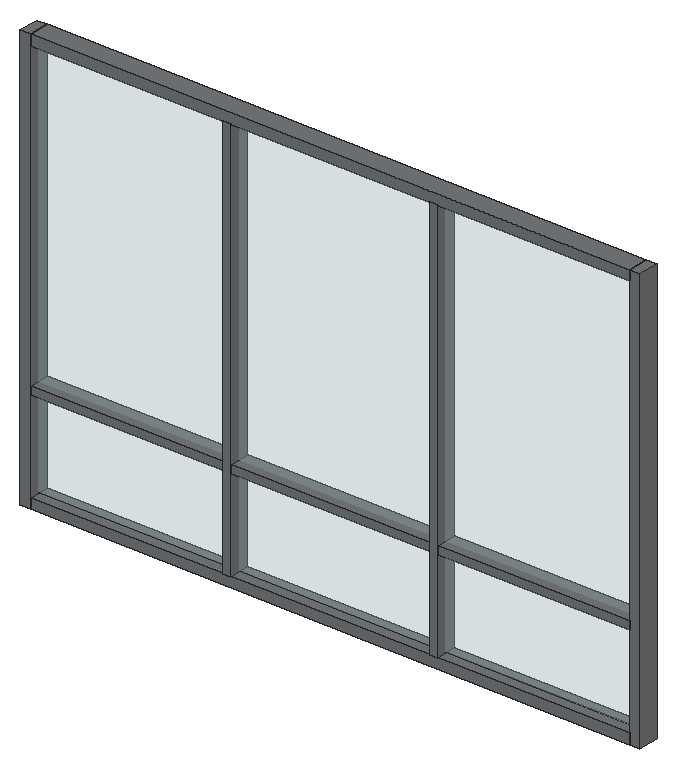
Revit family "LC W06 - A11", category Windows, host Wall, Revit 2027
Family settings
  Host = Wall
  Always vertical = Yes
  Cut with Voids When Loaded = No
  Shared = No
  Room Calculation Point = No
Parameters (values of type "A11 nominal size")
  Height = 2100 mm  # constant formula
  Description = "A07/A08 position, A11 overall sizes. Frame50x100 and glazing6mm are visual coordination profiles; manufacturer sections/glazing specification pending. Panel divisions follow schedule appearance, undimensioned divisions provisional."
  Default Sill Height = 0 mm
  Wall Closure = By host
  Width = 3060 mm  # constant formula
Reference planes
  plane 1 "Center (Front/Back)": y = 0
  plane 2 "Center (Left/Right)": x = 0
  plane 3 "Left": x = -1530
  plane 4 "Right": x = 1530
  plane 5 "Sill": z = 0
  plane 6 "Head": z = 2100
  plane 7 "Exterior": y = 100
  plane 8 "Interior": y = -100
Forms (mm)
  Extrusion 1, solid, material "LC Aluminium - charcoal coordination"
    sketch origin (0, 0, 0) x (1, 0, 0) y (0, 1, 0)
      loop
        line (-1530, -50) -> (-1480, -50) -> (-1480, 50) -> (-1530, 50) -> (-1530, -50)
    from 0 to 2100
  Extrusion 2, solid, material "LC Aluminium - charcoal coordination"
    sketch origin (0, 0, 0) x (1, 0, 0) y (0, 1, 0)
      loop
        line (1480, -50) -> (1530, -50) -> (1530, 50) -> (1480, 50) -> (1480, -50)
    from 0 to 2100
  Extrusion 3, solid, material "LC Aluminium - charcoal coordination"
    sketch origin (0, 0, 0) x (1, 0, 0) y (0, 1, 0)
      loop
        line (-1480, -50) -> (1480, -50) -> (1480, 50) -> (-1480, 50) -> (-1480, -50)
    from 2050 to 2100
  Extrusion 4, solid, material "LC Aluminium - charcoal coordination"
    sketch origin (0, 0, 0) x (1, 0, 0) y (0, 1, 0)
      loop
        line (-1480, -50) -> (1480, -50) -> (1480, 50) -> (-1480, 50) -> (-1480, -50)
    from 0 to 50
  Extrusion 5, solid, material "LC Aluminium - charcoal coordination"
    sketch origin (0, 0, 0) x (1, 0, 0) y (0, 1, 0)
      loop
        line (-530, -50) -> (-490, -50) -> (-490, 50) -> (-530, 50) -> (-530, -50)
    from 50 to 2050
  Extrusion 6, solid, material "LC Aluminium - charcoal coordination"
    sketch origin (0, 0, 0) x (1, 0, 0) y (0, 1, 0)
      loop
        line (490, -50) -> (530, -50) -> (530, 50) -> (490, 50) -> (490, -50)
    from 50 to 2050
  Extrusion 7, solid, material "LC Aluminium - charcoal coordination"
    sketch origin (0, 0, 0) x (1, 0, 0) y (0, 1, 0)
      loop
        line (-1480, -50) -> (1480, -50) -> (1480, 50) -> (-1480, 50) -> (-1480, -50)
    from 505 to 545
  Extrusion 8, solid, material "LC Glazing - specification pending"
    sketch origin (0, 0, 0) x (1, 0, 0) y (0, 1, 0)
      loop
        line (-1480, -3) -> (-510, -3) -> (-510, 3) -> (-1480, 3) -> (-1480, -3)
    from 50 to 525
  Extrusion 9, solid, material "LC Glazing - specification pending"
    sketch origin (0, 0, 0) x (1, 0, 0) y (0, 1, 0)
      loop
        line (-1480, -3) -> (-510, -3) -> (-510, 3) -> (-1480, 3) -> (-1480, -3)
    from 525 to 2050
  Extrusion 10, solid, material "LC Glazing - specification pending"
    sketch origin (0, 0, 0) x (1, 0, 0) y (0, 1, 0)
      loop
        line (-510, -3) -> (510, -3) -> (510, 3) -> (-510, 3) -> (-510, -3)
    from 50 to 525
  Extrusion 11, solid, material "LC Glazing - specification pending"
    sketch origin (0, 0, 0) x (1, 0, 0) y (0, 1, 0)
      loop
        line (-510, -3) -> (510, -3) -> (510, 3) -> (-510, 3) -> (-510, -3)
    from 525 to 2050
  Extrusion 12, solid, material "LC Glazing - specification pending"
    sketch origin (0, 0, 0) x (1, 0, 0) y (0, 1, 0)
      loop
        line (510, -3) -> (1480, -3) -> (1480, 3) -> (510, 3) -> (510, -3)
    from 50 to 525
  Extrusion 13, solid, material "LC Glazing - specification pending"
    sketch origin (0, 0, 0) x (1, 0, 0) y (0, 1, 0)
      loop
        line (510, -3) -> (1480, -3) -> (1480, 3) -> (510, 3) -> (510, -3)
    from 525 to 2050
Lines and regions (mm)
  Opening 1
    outline origin (3500, -100, 0) x (1, 0, 0) y (0, 0, 1)
      loop
        line (-1970, 0) -> (-1970, 2100) -> (-5030, 2100) -> (-5030, 0) -> (-1970, 0)
Text (mm)
  text "Exterior" at (-1963.203, 1332.353, 0), in view "Ref. Level"
  text "Interior" at (-1981.466, -818.386, 0), in view "Ref. Level"
  text "Exterior" at (0, 923.751, 2943.296), in view "Right"
  text "Exterior" at (0, 1040.484, 2685.409), in view "Left"
Dimensions and locks
  equal spacing: plane 3 "Left", plane 2 "Center (Left/Right)", plane 4 "Right"
  "Width": plane 3 "Left" to plane 4 "Right"
  "Height": plane 5 "Sill" to plane 6 "Head"
  "Default Sill Height": plane 5 "Sill" to level
  locked: plane 7 "Exterior" to host wall
  locked: plane 8 "Interior" to host wall
Automatic sketch dimensions
  Opening 1 sketch curve to plane 3 "Left" = 0 mm
  Opening 1 sketch curve to plane 4 "Right" = 0 mm
  Opening 1 sketch curve to plane 5 "Sill" = 0 mm
  Opening 1 sketch curve to plane 6 "Head" = 0 mm
  Extrusion 1 sketch curve to plane 3 "Left" = 0 mm
  Extrusion 1 sketch curve to Extrusion 1 sketch curve = 50 mm
  host wall to Extrusion 1 sketch curve = 50 mm
  Extrusion 1 sketch curve to host wall = 50 mm
  Extrusion 2 sketch curve to plane 4 "Right" = 0 mm
  plane 4 "Right" to Extrusion 2 sketch curve = 50 mm
  host wall to Extrusion 2 sketch curve = 50 mm
  Extrusion 2 sketch curve to host wall = 50 mm
  Extrusion 3 sketch curve to plane 3 "Left" = 50 mm
  plane 4 "Right" to Extrusion 3 sketch curve = 50 mm
  host wall to Extrusion 3 sketch curve = 50 mm
  Extrusion 3 sketch curve to host wall = 50 mm
  Extrusion 4 sketch curve to plane 3 "Left" = 50 mm
  plane 4 "Right" to Extrusion 4 sketch curve = 50 mm
  host wall to Extrusion 4 sketch curve = 50 mm
  Extrusion 4 sketch curve to host wall = 50 mm
  host wall to Extrusion 5 sketch curve = 50 mm
  plane 2 "Center (Left/Right)" to Extrusion 5 sketch curve = 530 mm
  Extrusion 5 sketch curve to Extrusion 5 sketch curve = 40 mm
  Extrusion 5 sketch curve to host wall = 50 mm
  host wall to Extrusion 6 sketch curve = 50 mm
  Extrusion 6 sketch curve to plane 2 "Center (Left/Right)" = 490 mm
  Extrusion 6 sketch curve to Extrusion 6 sketch curve = 40 mm
  Extrusion 6 sketch curve to host wall = 50 mm
  Extrusion 7 sketch curve to plane 3 "Left" = 50 mm
  plane 4 "Right" to Extrusion 7 sketch curve = 50 mm
  host wall to Extrusion 7 sketch curve = 50 mm
  Extrusion 7 sketch curve to host wall = 50 mm
  host wall to Extrusion 8 sketch curve = 3 mm
  Extrusion 8 sketch curve to plane 3 "Left" = 50 mm
  Extrusion 8 sketch curve to host wall = 3 mm
  plane 2 "Center (Left/Right)" to Extrusion 8 sketch curve = 510 mm
  host wall to Extrusion 9 sketch curve = 3 mm
  Extrusion 9 sketch curve to plane 3 "Left" = 50 mm
  Extrusion 9 sketch curve to host wall = 3 mm
  plane 2 "Center (Left/Right)" to Extrusion 9 sketch curve = 510 mm
  host wall to Extrusion 10 sketch curve = 3 mm
  plane 2 "Center (Left/Right)" to Extrusion 10 sketch curve = 510 mm
  Extrusion 10 sketch curve to host wall = 3 mm
  Extrusion 10 sketch curve to plane 2 "Center (Left/Right)" = 510 mm
  host wall to Extrusion 11 sketch curve = 3 mm
  plane 2 "Center (Left/Right)" to Extrusion 11 sketch curve = 510 mm
  Extrusion 11 sketch curve to host wall = 3 mm
  Extrusion 11 sketch curve to plane 2 "Center (Left/Right)" = 510 mm
  host wall to Extrusion 12 sketch curve = 3 mm
  Extrusion 12 sketch curve to plane 2 "Center (Left/Right)" = 510 mm
  Extrusion 12 sketch curve to host wall = 3 mm
  plane 4 "Right" to Extrusion 12 sketch curve = 50 mm
  host wall to Extrusion 13 sketch curve = 3 mm
  Extrusion 13 sketch curve to plane 2 "Center (Left/Right)" = 510 mm
  Extrusion 13 sketch curve to host wall = 3 mm
  plane 4 "Right" to Extrusion 13 sketch curve = 50 mm
